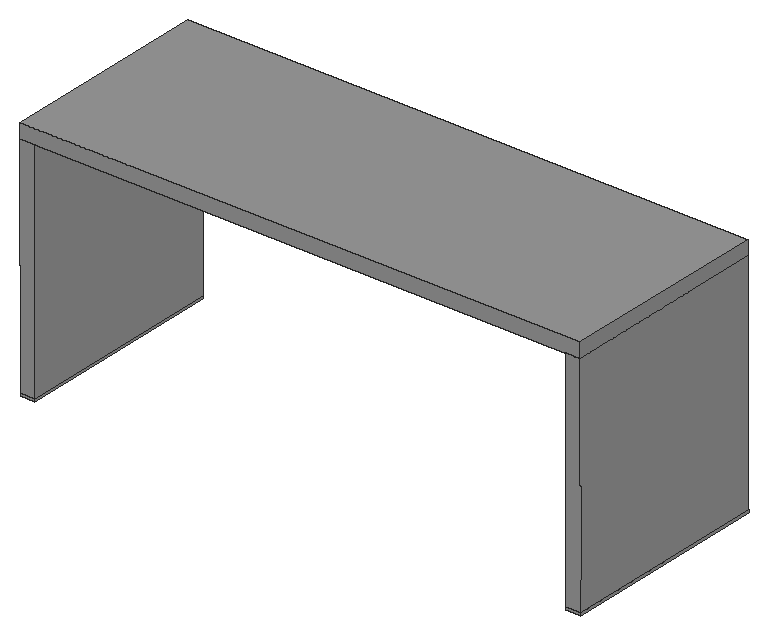
Revit family "Cocoon Community Table 36x96x42", category Generic Models, Revit 2018
Family settings
  Can host rebar = No
  Round Connector Dimension = Use Diameter
  Part Type = Normal
  Work Plane-Based = No
  Always vertical = Yes
  Cut with Voids When Loaded = No
  Shared = No
  Room Calculation Point = No
Parameters
  Frame = Cocoon Community Table 36x96x42 Frame
  Surface = Cocoon Community Table 36x96x42 Surface
Reference planes (in)
  plane 1 "Center (Front/Back)": y = 0
  plane 2: z = 0
  plane 3 "Center (Left/Right)": x = 0
Forms (in)
  Extrusion 1, solid, material "Cocoon Community Table 36x96x42 Frame" <- "Frame"
    sketch origin (0, 0, 0) x (1, 0, 0) y (0, 0, 1)
      loop
        line (-48, 0.5) -> (-48, 0) -> (-45.5, 0) -> (-45.5, 0.5) -> (-48, 0.5)
      loop
        line (48, 0.5) -> (45.5, 0.5) -> (45.5, 0) -> (48, 0) -> (48, 0.5)
    from -18 to 18
  Extrusion 2, solid, material "Cocoon Community Table 36x96x42 Surface" <- "Surface"
    sketch origin (0, 0, 13) x (1, 0, 0) y (0, 0, 1)
      loop
        line (-48, 29) -> (-48, 26.5) -> (48, 26.5) -> (48, 29) -> (-48, 29)
    from -18 to 18
  Extrusion 3, solid, material "Cocoon Community Table 36x96x42 Frame" <- "Frame"
    sketch origin (0, 0, 0) x (1, 0, 0) y (0, 0, 1)
      loop
        line (-48, 39.5) -> (-48, 0.5) -> (-45.5, 0.5) -> (-45.5, 39.5) -> (-48, 39.5)
      loop
        line (45.5, 39.5) -> (45.5, 0.5) -> (48, 0.5) -> (48, 39.5) -> (45.5, 39.5)
    from -18 to 18
  Extrusion 4, solid, material "Cocoon Community Table 36x96x42 Frame" <- "Frame"
    sketch origin (0, 0, 0) x (0, 1, 0) y (0, 0, 1)
      loop
        line (1.25, 39.5) -> (-1.25, 39.5) -> (-1.25, 27.5) -> (1.25, 27.5) -> (1.25, 39.5)
    from -45.5 to 45.5
Dimensions and locks (in)
  aligned and locked: level to plane 2
